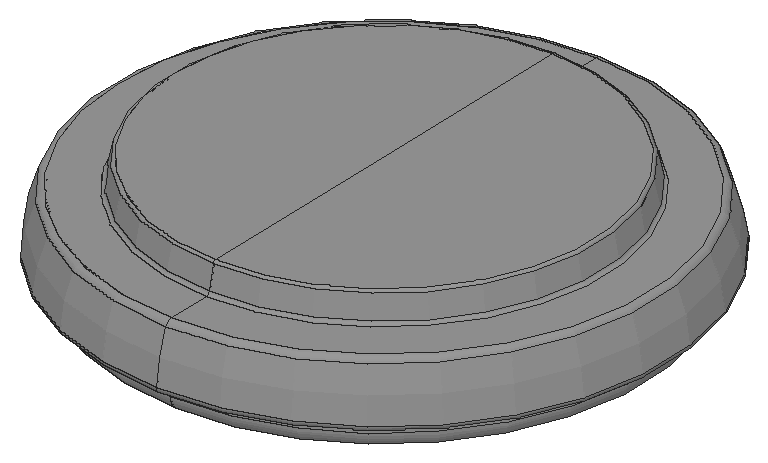
Revit family "FMK11_63_UN_Surface-mounted_ETK", category Lighting Fixtures, Revit 2017 (continued)
Definition of nested family "FMK.1 - Lightsource"
  Parameters (values of type "FMK.1109.10 - Ø250x48 / 12W")
      .3074\t362.9584\t356.0822\t348.9057\t341.5547\t333.4658\t324.7233\t315.2043\t305.4599\r\n295.3979\t285.0138\t274.2949\t263.3441\t252.1436\t240.673\t229.1092\t216.7556\t203.6489\t190.6285\r\n177.6172\t164.6138\t151.9279\t138.069\t124.3573\t110.9691\t98.0454\t84.9215\t72.6465\t61.0698\r\n50.4112\t40.6936\t35.2704\t0\t0\t0\r\n405.3384\t404.7358\t403.6054\t401.6444\t399.3643\t396.5593\t393.314\t389.4309\t385.2102\t380.3495\r\n375.0755\t369.3024\t362.9627\t356.1346\t348.8119\t341.1533\t333.0509\t324.8191\t315.78\t306.215\r\n295.8199\t285.344\t274.4807\t263.3654\t252.0105\t240.3294\t228.4188\t216.2955\t204.1547\t190.9552\r\n177.6559\t164.3516\t151.1392\t138.0976\t124.9346\t111.112\t97.7813\t85.0908\t72.4995\t60.8236\r\n50.1998\t40.6227\t31.9768\t0\t0\t0\r\n405.3384\t404.7394\t403.6288\t401.6757\t399.3884\t396.5714\t393.3026\t389.3159\t385.1739\t380.3831\r\n375.0444\t369.2837\t362.956\t356.1295\t348.8706\t341.18\t332.9079\t324.3902\t315.4019\t306.3387\r\n296.4924\t286.1092\t274.9998\t263.7539\t252.2169\t240.3569\t228.2903\t215.9582\t203.4707\t190.8257\r\n178.1521\t164.6391\t151.0517\t137.6572\t124.4578\t111.6543\t98.0732\t84.9738\t72.5741\t60.6864\r\n50.0183\t40.4977\t31.9697\t4.8432\t0\t0\r\n405.3384\t404.7427\t403.6495\t401.7142\t399.4239\t396.6035\t393.3116\t389.2988\t385.0507\t380.3528\r\n375.0118\t369.216\t362.9424\t356.1024\t348.8405\t341.157\t332.9643\t324.4004\t315.2581\t305.8867\r\n296.1029\t285.938\t275.5954\t264.5683\t253.012\t240.8416\t228.6197\t216.12\t203.4137\t190.5511\r\n177.5394\t164.5113\t151.5042\t137.8415\t124.2858\t111.0124\t98.1587\t85.3964\t72.5721\t60.6586\r\n49.8431\t40.3398\t31.931\t24.5537\t0\t0\r\n405.3384\t404.7456\t403.6676\t401.9218\t399.4709\t396.6554\t393.3437\t389.317\t385.04\t380.243\r\n374.8993\t369.1788\t362.9127\t356.0814\t348.8285\t341.0552\t332.9667\t324.3861\t315.3329\t305.9127\r\n296.0531\t285.7481\t275.1336\t264.1996\t252.9355\t241.4903\t229.4495\t216.9446\t203.9312\t190.8555\r\n177.6361\t164.3347\t151.0106\t137.654\t124.597\t111.2218\t97.8665\t85.0744\t72.9905\t60.8587\r\n49.815\t40.1794\t31.9054\t24.5054\t0\t0\r\n405.3384\t404.7481\t403.6828\t401.9564\t399.6914\t396.7268\t393.4009\t389.3708\t385.0755\t380.2591\r\n374.9017\t369.0922\t362.8034\t355.9918\t348.805\t341.0277\t332.9542\t324.3714\t315.323\t305.9089\r\n296.0316\t285.7934\t275.1661\t264.1403\t252.8273\t241.0499\t229.0201\t216.7244\t204.2369\t191.596\r\n178.5079\t164.9396\t151.3939\t137.7973\t124.3337\t110.9506\t97.9162\t85.2011\t72.5165\t60.7879\r\n50.1751\t40.1846\t31.8501\t23.7681\t2.338\t0\r\n405.3384\t404.7502\t403.6952\t401.9835\t399.7343\t396.9809\t393.6545\t389.6213\t385.1579\t380.3298\r\n374.9735\t369.1608\t362.846\t356.0361\t348.7566\t340.9866\t332.8783\t324.3112\t315.2718\t305.9036\r\n296.0215\t285.8004\t275.1776\t264.1337\t252.8169\t241.0716\t228.9767\t216.6471\t204.0279\t191.1324\r\n178.1226\t164.8871\t151.6027\t138.2841\t125.113\t111.6596\t98.1698\t85.1028\t72.5249\t60.7088\r\n49.8427\t40.2477\t31.8931\t21.6048\t12.7168\t0\r\n405.3384\t404.7519\t403.7047\t402.0029\t399.7635\t397.03\t393.713\t389.7065\t385.4214\t380.5969\r\n375.2629\t369.475\t363.1447\t356.3663\t348.9144\t341.1566\t333.0078\t324.4526\t315.4033\t305.9527\r\n296.0665\t285.8226\t275.1844\t264.1482\t252.8009\t241.0835\t228.992\t216.6758\t204.0446\t191.1483\r\n178.0991\t164.8272\t151.446\t137.9974\t124.5467\t111.2577\t98.1105\t85.2503\t72.8411\t61.1518\r\n50.0901\t40.257\t31.8235\t18.932\t9.3489\t0\r\n405.3384\t404.7532\t403.7114\t402.0142\t399.7786\t397.0514\t393.739\t389.7475\t385.4637\t380.6413\r\n375.3272\t369.5568\t363.2361\t356.4824\t349.2137\t341.4886\t333.3185\t324.7975\t315.7614\t306.3155\r\n296.46\t286.2066\t275.5669\t264.5527\t253.1872\t241.5059\t229.4265\t217.1363\t204.5303\t191.6199\r\n178.5573\t165.3425\t151.9521\t138.4682\t125.0895\t111.6993\t98.5664\t85.5623\t73.0265\t61.1343\r\n50.1318\t40.4051\t31.9542\t21.7475\t6.5313\t5.115\r\n405.3384\t404.754\t403.7153\t402.0176\t399.7799\t397.0445\t393.7329\t389.7445\t385.4448\t380.6084\r\n375.2927\t369.5081\t363.1813\t356.4003\t348.9923\t341.2089\t333.0605\t324.4816\t315.4612\t305.9997\r\n296.1643\t285.8652\t275.2287\t264.2095\t252.8526\t241.1526\t229.101\t216.7417\t204.1781\t191.2242\r\n178.2221\t164.9153\t151.5534\t138.1498\t124.6539\t111.3162\t98.1603\t85.2342\t72.8561\t61.1128\r\n50.0588\t40.2091\t31.6937\t20.0166\t8.2012\t0\r\n405.3384\t404.7543\t403.7164\t402.013\t399.7671\t397.0096\t393.6945\t389.6977\t385.2046\t380.352\r\n375.0326\t369.2271\t362.9198\t356.1028\t348.9072\t341.0925\t332.98\t324.3798\t315.392\t305.9858\r\n296.2178\t285.8843\t275.26\t264.2624\t252.9154\t241.2093\t229.1994\t216.7906\t204.2527\t191.2919\r\n178.3227\t165.0516\t151.7425\t138.4595\t125.2028\t111.7417\t98.2552\t85.1615\t72.5973\t60.695\r\n49.8045\t40.1873\t31.7885\t21.7366\t11.2598\t0\r\n405.3384\t404.7542\t403.7146\t402.0006\t399.7406\t396.7678\t393.4611\t389.4878\t385.1447\t380.2959\r\n374.9894\t369.1909\t362.9156\t356.0932\t349.0203\t341.1855\t333.0998\t324.4896\t315.505\t306.0503\r\n296.2967\t285.9572\t275.331\t264.3672\t253.0197\t241.2839\t229.3045\t217.0032\t204.5011\t191.8693\r\n178.7706\t165.2052\t151.6675\t138.0714\t124.5282\t111.1465\t98.0318\t85.3325\t72.6503\t60.8256\r\n50.1888\t40.1684\t31.7403\t23.8387\t2.1341\t0\r\n405.3384\t404.7538\t403.7099\t401.9802\t399.5366\t396.7102\t393.425\t389.473\t385.1305\t380.2987\r\n375.0145\t369.3042\t363.0627\t356.2162\t349.106\t341.2551\t333.1682\t324.5601\t315.5632\t306.141\r\n296.3633\t286.0264\t275.4542\t264.555\t253.2624\t241.8449\t229.7806\t217.3072\t204.2808\t191.2288\r\n177.9866\t164.6878\t151.3619\t138.0114\t124.8764\t111.4955\t98.1121\t85.3017\t73.1816\t61.0006\r\n49.9354\t40.2492\t31.8581\t24.0616\t0\t0\r\n405.3384\t404.7529\t403.7024\t401.7855\t399.5057\t396.672\t393.4155\t389.4941\t385.1611\t380.4304\r\n375.1514\t369.3736\t363.1395\t356.2714\t349.1759\t341.3116\t333.2219\t324.6532\t315.5562\t306.2275\r\n296.4426\t286.3163\t276.0481\t265.0023\t253.4229\t241.2876\t229.0238\t216.5536\t203.8543\t191.005\r\n177.9846\t164.9422\t151.916\t138.291\t124.7136\t111.4068\t98.5597\t85.7613\t72.9154\t60.9832\r\n50.0561\t40.469\t32.0115\t24.4608\t0\t0\r\n405.3384\t404.7516\t403.6921\t401.7609\t399.4864\t396.6542\t393.4316\t389.5502\t385.2972\t380.4985\r\n375.2108\t369.4721\t363.1917\t356.3183\t349.193\t341.3957\t333.2365\t324.7362\t315.7989\t306.7788\r\n296.9084\t286.5675\t275.5271\t264.2722\t252.7027\t240.881\t228.7997\t216.5107\t204.0057\t191.4\r\n178.6746\t165.1736\t151.62\t138.2129\t125.0328\t112.2055\t98.6188\t85.54\t73.0956\t61.0986\r\n50.3019\t40.733\t32.2345\t4.8967\t0\t0\r\n405.3384\t404.75\t403.6788\t401.7433\t399.4783\t396.6572\t393.4722\t389.7044\t385.3553\t380.5675\r\n375.2574\t369.5435\t363.2413\t356.3845\t349.1744\t341.4877\t333.4438\t325.2596\t316.2784\t306.7217\r\n296.3214\t285.8791\t275.0611\t263.9604\t252.5538\t240.9175\t229.0191\t216.9459\t204.7661\t191.62\r\n178.311\t165.0395\t151.8279\t138.8308\t125.6546\t111.8365\t98.5513\t85.8398\t73.1455\t61.3695\r\n50.6583\t41.0273\t32.3467\t0\t0\t0\r\n405.3384\t404.7481\t403.4984\t401.7323\t399.4809\t396.6816\t393.6002\t389.7628\t385.3879\t380.6249\r\n375.3103\t369.6017\t363.2788\t356.4193\t349.3183\t342.0005\t333.9181\t325.234\t315.723\t306.0027\r\n295.9581\t285.6313\t274.9371\t264.0009\t252.7885\t241.3531\t229.8173\t217.4635\t204.4063\t191.4145\r\n178.427\t165.4423\t152.7479\t138.9494\t125.2565\t111.8804\t98.9846\t85.7966\t73.4077\t61.7586\r\n51.0678\t41.3029\t35.9314\t0\t0\t0\r\n405.3384\t404.7459\t403.4868\t401.7275\t399.4939\t396.8049\t393.6964\t389.8271\t385.4477\t380.6827\r\n375.3624\t369.5737\t363.2853\t356.625\t349.7894\t342.1135\t333.759\t324.599\t315.3556\t305.743\r\n295.8442\t285.6417\t275.1541\t264.3786\t253.3631\t242.055\t229.5599\t217.0052\t204.3824\t191.6906\r\n178.9998\t166.3228\t152.4157\t138.7896\t125.4113\t112.3666\t98.8823\t86.0884\t73.8385\t62.2076\r\n51.4507\t41.5049\t9.2672\t0\t0\t0\r\n405.3384\t404.7435\t403.478\t401.7288\t399.5168\t396.8915\t393.7354\t389.8846\t385.51\t380.7375\r\n375.3452\t369.6573\t363.4574\t357.1354\t349.7768\t341.6159\t333.1585\t324.3199\t315.1808\t305.7265\r\n295.9778\t285.8984\t275.6341\t265.1894\t253.7973\t241.5638\t229.4041\t217.1091\t204.7446\t192.3795\r\n179.7114\t165.8581\t152.3268\t139.0102\t125.9366\t112.2715\t99.1358\t86.5458\t74.2047\t62.612\r\n51.7507\t41.5902\t0\t0\t0\t0\r\n405.3384\t404.741\t403.4718\t401.7355\t399.6011\t396.9432\t393.7681\t389.932\t385.5756\t380.7897\r\n375.443\t369.7964\t363.9098\t357.1325\t349.266\t341.3026\t332.9179\t324.2017\t315.1981\t305.9037\r\n296.2962\t286.4176\t276.3927\t264.9598\t253.3075\t241.5117\t229.5688\t217.5503\t205.6807\t192.889\r\n179.2192\t165.8323\t152.6025\t139.6031\t125.8415\t112.4783\t99.6521\t86.8233\t74.5452\t62.9366\r\n51.9651\t45.2945\t0\t0\t0\t0\r\n405.3384\t404.7384\t403.468\t401.7035\t399.6374\t396.995\t393.7953\t389.976\t385.6432\t380.7904\r\n375.5949\t370.2269\t363.9316\t356.6257\t349.0084\t341.1154\t332.8331\t324.2647\t315.4008\t306.248\r\n296.8025\t287.1037\t276.0069\t264.7758\t253.2929\t241.7441\t230.0366\t218.4803\t205.6712\t192.4158\r\n179.2213\t166.1495\t153.2387\t139.4918\t125.9849\t112.9057\t99.9291\t87.1192\t74.8871\t63.2173\r\n52.1109\t27.9746\t0\t0\t0\t0\r\n405.3384\t404.7356\t403.4661\t401.721\t399.6762\t397.0462\t393.8176\t390.0145\t385.6532\t380.9042\r\n376.0431\t370.2884\t363.5098\t356.3413\t348.8597\t341.046\t332.9079\t324.5096\t315.7699\t306.7777\r\n297.4737\t286.6989\t275.8167\t264.7874\t253.5532\t242.2253\t231.0102\t218.411\t205.3993\t192.4497\r\n179.5316\t166.8\t153.159\t139.579\t126.3414\t113.3926\t100.1751\t87.4289\t75.1955\t63.4659\r\n52.2017\t0\t0\t0\t0\t0\r\n405.3384\t404.733\t403.4662\t401.7455\t399.7183\t397.0964\t393.8361\t390.0426\t385.7336\t381.0623\r\n376.1774\t370.1947\t363.2695\t356.1775\t348.8218\t341.077\t333.1051\t324.8433\t316.2831\t307.407\r\n297.0552\t286.507\t275.8559\t265.0142\t254.068\t243.1527\t230.9509\t218.1938\t205.4481\t192.7251\r\n180.2403\t166.8035\t153.224\t139.9046\t126.9133\t113.5219\t100.4126\t87.721\t75.5131\t63.7099\r\n57.0316\t0\t0\t0\t0\t0\r\n405.3384\t404.5716\t403.4386\t401.8549\t399.7644\t397.1477\t393.8153\t390.002\t385.8374\t381.4986\r\n376.1612\t369.7301\t363.0994\t356.1235\t348.8626\t341.2479\t333.4258\t325.2712\t316.9727\t307.0391\r\n296.8833\t286.5553\t276.0726\t265.4683\t254.9632\t243.4246\t230.701\t218.2156\t205.734\t193.2729\r\n180.506\t166.8251\t153.4668\t140.3769\t127.1788\t113.733\t100.6865\t88.0472\t75.8087\t63.919\r\n43.4528\t0\t0\t0\t0\t0\r\n405.3384\t404.5695\t403.4417\t401.8908\t399.8151\t397.1871\t393.8464\t390.0614\t385.9622\t381.6097\r\n376.0288\t369.5594\t362.993\t356.1449\t348.9704\t341.541\t333.8527\t326.0241\t316.6929\t306.8713\r\n296.8954\t286.7633\t276.4678\t266.0998\t255.327\t242.9729\t230.7031\t218.4384\t206.1859\t193.9199\r\n180.3346\t166.9807\t153.8693\t140.944\t127.3398\t114.0243\t101.0379\t88.3884\t76.1048\t64.1488\r\n6.9749\t0\t0\t0\t0\t0\r\n405.3384\t404.5686\t403.4473\t401.9294\t399.8708\t397.2314\t393.888\t390.1481\t386.3292\t381.6146\r\n375.6081\t369.4572\t362.9708\t356.227\t349.1889\t341.9177\t334.6149\t326.1454\t316.446\t306.8487\r\n297.0678\t287.1294\t277.0477\t266.8305\t254.9174\t242.9076\t230.8971\t218.8564\t206.9584\t193.7008\r\n180.4704\t167.3299\t154.3451\t141.0443\t127.5319\t114.3124\t101.4067\t88.7971\t76.469\t71.0786\r\n0\t0\t0\t0\t0\t0\r\n405.3384\t404.569\t403.4551\t401.9709\t399.9722\t397.2767\t393.8644\t390.2693\t386.4315\t381.5224\r\n375.4757\t369.3969\t363.0172\t356.385\t349.5164\t342.3709\t334.9069\t325.7199\t316.401\t306.979\r\n297.3492\t287.6224\t277.9395\t266.5253\t254.8042\t243.0641\t231.2325\t219.4481\t206.9163\t193.7663\r\n180.6898\t167.7888\t154.9305\t141.1807\t127.788\t114.6467\t101.7684\t89.1631\t76.8256\t62.9035\r\n0\t0\t0\t0\t0\t0\r\n405.3384\t404.5705\t403.4652\t402.0157\t400.0296\t397.3244\t393.9524\t390.3898\t386.4749\t381.113\r\n375.39\t369.382\t363.1266\t356.6158\t349.8921\t343.0771\t334.5968\t325.6122\t316.4672\t307.1637\r\n297.7815\t288.4949\t278.1045\t266.4097\t254.8889\t243.3295\t231.7654\t220.041\t206.912\t193.9248\r\n181.0884\t168.4498\t154.9864\t141.4211\t128.0925\t114.9955\t102.1644\t89.5728\t77.2034\t43.5306\r\n0\t0\t0\t0\t0\t0\r\n405.3384\t404.5732\t403.4775\t402.0644\t400.0795\t397.3766\t394.0366\t390.7644\t386.4775\t380.975\r\n375.3478\t369.4303\t363.2985\t356.906\t350.3047\t343.2698\t334.4485\t325.6355\t316.6363\t307.5138\r\n298.2746\t288.9228\t277.7118\t266.4225\t255.1174\t243.7588\t232.5514\t219.9024\t207.0118\t194.237\r\n181.5343\t168.8621\t155.1371\t141.6853\t128.4567\t115.4149\t102.6013\t89.9956\t77.5994\t6.1612\r\n0\t0\t0\t0\t0\t0\r\n405.3384\t404.605\t403.4921\t402.1706\t400.1256\t397.4349\t394.1374\t390.8498\t386.4029\t380.8564\r\n375.3437\t369.5284\t363.5073\t357.2499\t350.9824\t342.9428\t334.3995\t325.7395\t316.8926\t307.9367\r\n299.1107\t288.6921\t277.6635\t266.5801\t255.4385\t244.3047\t232.8477\t219.9489\t207.2573\t194.6292\r\n182.2468\t168.8709\t155.3197\t141.9922\t128.8173\t115.8454\t103.0693\t90.4482\t83.823\t0\r\n0\t0\t0\t0\t0\t0\r\n405.3384\t404.6092\t403.5089\t402.2202\t400.1649\t397.5054\t394.2569\t390.9141\t386.0396\t380.7981\r\n375.3806\t369.6687\t363.7508\t357.6622\t351.1724\t342.8014\t334.443\t325.8965\t317.2661\t308.4567\r\n299.4568\t288.5546\t277.7444\t266.8384\t255.8901\t245.0273\t232.652\t220.0806\t207.5676\t195.1229\r\n182.656\t169.0149\t155.5887\t142.3178\t129.2005\t116.2829\t103.5207\t90.9268\t73.3602\t0\r\n0\t0\t0\t0\t0\t0\r\n405.3384\t404.614\t403.5281\t402.2649\t400.1971\t397.5179\t394.3957\t390.9455\t385.9448\t380.7925\r\n375.4413\t369.8494\t364.0508\t358.3505\t351.161\t342.7657\t334.5401\t326.1385\t317.6475\t309.3183\r\n299.1891\t288.5712\t277.89\t267.2003\t256.4247\t245.3251\t232.6711\t220.2807\t207.9213\t195.8312\r\n182.7021\t169.2073\t155.8647\t142.6715\t129.6369\t116.7502\t103.9952\t91.3868\t55.3711\t0\r\n0\t0\t0\t0\t0\t0\r\n405.3384\t404.6195\t403.5495\t402.3045\t400.1849\t397.5978\t394.5611\t390.9396\t385.8781\t380.8033\r\n375.5216\t370.0613\t364.3857\t358.5968\t350.8049\t342.7895\t334.6808\t326.4772\t318.1163\t309.6303\r\n299.1657\t288.6692\t278.1592\t267.6065\t257.2226\t245.1417\t232.8538\t220.5787\t208.3699\t196.2276\r\n182.7779\t169.4445\t156.1917\t143.0507\t130.0526\t117.1893\t104.4737\t91.888\t14.9821\t0\r\n0\t0\t0\t0\t0\t0\r\n405.3384\t404.6254\t403.6469\t402.3383\t400.2215\t397.6657\t394.9951\t390.922\t385.84\t380.8256\r\n375.6462\t370.3021\t364.75\t358.7051\t350.7659\t342.8768\t334.8803\t326.8245\t318.9273\t309.6814\r\n299.1757\t288.8703\t278.4899\t268.1142\t257.5065\t245.2123\t233.0786\t220.9546\t208.9027\t196.5301\r\n182.9565\t169.6559\t156.4872\t143.4595\t130.5097\t117.6817\t104.9699\t100.108\t0.6502\t0\r\n0\t0\t0\t0\t0\t0\r\n405.3384\t404.6318\t403.6785\t402.3663\t400.2653\t397.732\t395.2235\t390.6501\t385.8302\t380.8791\r\n375.8045\t370.5591\t365.4\t358.3926\t350.7621\t343.0161\t335.1646\t327.2095\t319.3184\t309.3844\r\n299.2447\t289.0934\t278.9038\t268.8799\t257.3545\t245.3439\t233.3422\t221.3813\t209.5947\t196.4708\r\n183.1827\t169.9774\t156.8633\t143.857\t130.9408\t118.1517\t105.4613\t92.7841\t0\t0\r\n0\t0\t0\t0\t0\t0\r\n405.3384\t404.6385\t403.7052\t402.3881\t400.3166\t397.7952\t395.3429\t390.6457\t385.8372\t380.9677\r\n375.9682\t370.8385\t365.6602\t358.3552\t350.8047\t343.1988\t335.4588\t327.6657\t319.4853\t309.4034\r\n299.4263\t289.3714\t279.3274\t269.2917\t257.4272\t245.5406\t233.6779\t221.8454\t209.9683\t196.6268\r\n183.419\t170.2891\t157.2574\t144.3065\t131.442\t118.6656\t105.9935\t80.5222\t0\t0\r\n0\t0\t0\t0\t0\t0\r\n405.3384\t404.6457\t403.7326\t402.3665\t400.4161\t397.857\t395.396\t390.6723\t385.8834\t381.0767\r\n376.1402\t371.1325\t365.8072\t358.3418\t350.9131\t343.3865\t335.8213\t328.3888\t319.2622\t309.4538\r\n299.6286\t289.7446\t279.8181\t269.489\t257.5447\t245.7949\t234.0481\t222.3431\t210.2072\t196.8266\r\n183.6843\t170.6331\t157.653\t144.7457\t131.9283\t119.1863\t106.5168\t64.2232\t0\t0\r\n0\t0\t0\t0\t0\t0\r\n405.3384\t404.653\t403.7604\t402.3925\t400.4719\t397.9008\t395.3299\t390.7762\t385.9545\t381.2013\r\n376.3717\t371.4185\t365.8707\t358.3762\t351.0464\t343.6475\t336.1597\t328.7689\t319.2512\t309.5955\r\n299.8696\t290.1313\t280.5664\t269.3554\t257.7081\t246.0696\t234.4691\t223.0433\t210.1501\t197.0336\r\n183.9883\t170.9859\t158.0592\t145.1996\t132.404\t119.6892\t118.4422\t23.1728\t0\t0\r\n0\t0\t0\t0\t0\t0\r\n405.3384\t404.6607\t403.7887\t402.4189\t400.5194\t397.9841\t395.3017\t390.8021\t386.0595\t381.3509\r\n376.609\t372.0059\t365.5606\t358.4337\t351.2047\t343.9111\t336.5735\t328.9592\t319.3349\t309.7464\r\n300.1592\t290.5524\t280.9613\t269.4605\t257.9307\t246.4161\t234.914\t223.4171\t210.3211\t197.2897\r\n184.2922\t171.347\t158.483\t145.6681\t132.9075\t120.2165\t117.0674\t9.6552\t0\t0\r\n0\t0\t0\t0\t0\t0\r\n405.3384\t404.6686\t403.8173\t402.4487\t400.4786\t398.0829\t395.2688\t390.7871\t386.236\t381.5158\r\n376.8425\t372.2831\t365.5322\t358.5043\t351.3888\t344.1966\t336.967\t329.1152\t319.3903\t309.9762\r\n300.4823\t290.9786\t281.208\t269.6236\t258.201\t246.7695\t235.373\t223.7185\t210.5437\t197.5625\r\n184.62\t171.7433\t158.9199\t146.1384\t133.4045\t120.7201\t112.4944\t0\t0\t0\r\n0\t0\t0\t0\t0\t0\r\n405.3384\t404.6766\t403.8462\t402.4819\t400.4915\t398.4796\t395.2303\t390.7186\t386.3508\t381.7085\r\n377.0908\t372.472\t365.5842\t358.5935\t351.5911\t344.5067\t337.626\t328.8535\t319.5738\t310.1918\r\n300.8214\t291.4589\t281.3564\t269.774\t258.4546\t247.1517\t236.0692\t223.714\t210.7672\t197.8524\r\n184.9795\t172.1582\t159.3682\t146.6102\t133.9159\t121.2568\t105.4062\t0\t0\t0\r\n0\t0\t0\t0\t0\t0\r\n405.3384\t404.6848\t403.8753\t402.5301\t400.5307\t398.583\t395.2103\t390.7119\t386.3893\t381.9396\r\n377.3461\t372.6104\t365.6471\t358.7464\t351.8034\t344.8396\t337.9433\t328.9321\t319.7183\t310.4987\r\n301.2264\t292.1181\t281.2334\t270.0005\t258.7428\t247.5101\t236.4684\t223.8595\t211.0006\t198.1587\r\n185.3479\t172.5544\t159.8035\t147.094\t134.4184\t121.7849\t96.4328\t0\t0\t0\r\n0\t0\t0\t0\t0\t0\r\n405.3384\t404.6931\t403.9067\t402.5674\t400.5765\t398.6722\t394.9664\t390.7235\t386.4539\t382.113\r\n377.6242\t372.7081\t365.7225\t358.9132\t352.048\t345.1659\t338.1961\t329.0359\t319.9072\t310.7682\r\n301.6096\t292.5131\t281.4098\t270.2271\t259.073\t247.9351\t236.8476\t224.0483\t21
      1.2287\t198.4476\r\n185.6936\t172.9579\t160.2642\t147.5784\t134.9349\t122.3252\t86.1454\t0\t0\t0\r\n0\t0\t0\t0\t0\t0\r\n405.3384\t404.7013\t403.9355\t402.6047\t400.6279\t398.7442\t394.9797\t390.7624\t386.5296\t382.2487\r\n377.8767\t372.7829\t365.8114\t359.0821\t352.3163\t345.4969\t338.3782\t329.1822\t320.1148\t311.0453\r\n301.9788\t292.7783\t281.6012\t270.5091\t259.4318\t248.3563\t237.1582\t224.2779\t211.525\t198.7849\r\n186.0555\t173.3757\t160.7092\t148.07\t135.4623\t122.8612\t75.0755\t0\t0\t0\r\n0\t0\t0\t0\t0\t0\r\n405.3384\t404.7096\t403.9642\t402.6417\t400.696\t398.8169\t394.9997\t390.8276\t386.6209\t382.4\r\n378.4045\t372.5543\t365.9079\t359.2494\t352.5682\t345.8699\t338.5647\t329.3189\t320.3594\t311.3938\r\n302.3891\t292.9835\t281.7699\t270.7837\t259.7753\t248.7659\t237.4402\t224.5309\t211.8182\t199.1223\r\n186.4527\t173.7952\t161.1646\t148.546\t135.9422\t136.5574\t36.2712\t0\t0\t0\r\n0\t0\t0\t0\t0\t0\r\n405.3384\t404.7178\t403.9929\t402.6782\t400.7519\t398.8854\t395.026\t390.892\t386.7324\t382.5558\r\n378.6203\t372.6325\t366.0305\t359.4259\t352.8102\t346.4602\t338.6937\t329.5211\t320.6143\t311.6861\r\n302.7765\t293.2351\t282.0305\t271.0823\t260.1226\t249.1874\t237.6911\t224.7942\t212.1326\t199.4867\r\n186.8497\t174.2259\t161.627\t149.0287\t136.4442\t136.3962\t26.9716\t0\t0\t0\r\n0\t0\t0\t0\t0\t0\r\n405.3384\t404.6914\t404.0217\t402.7091\t400.8043\t398.9593\t395.0594\t390.9615\t386.8432\t382.7092\r\n378.801\t372.7103\t366.1644\t359.6071\t353.0451\t346.7466\t338.5155\t329.6953\t320.856\t312.0088\r\n303.4086\t293.141\t282.2549\t271.3663\t260.4867\t249.8243\t237.7137\t225.078\t212.4489\t199.8329\r\n187.2298\t174.6407\t162.0656\t149.4977\t136.955\t135.4145\t19.5256\t0\t0\t0\r\n0\t0\t0\t0\t0\t0\r\n405.3384\t404.7005\t404.0507\t402.746\t400.8525\t399.0149\t395.1063\t391.0352\t386.9537\t382.8571\r\n378.9473\t372.7817\t366.3088\t359.7982\t353.2745\t346.9636\t338.607\t329.856\t321.0835\t312.3124\r\n303.7495\t293.3407\t282.511\t271.6734\t260.8498\t250.2149\t237.9693\t225.3524\t212.7549\t200.1806\r\n187.6084\t175.0519\t162.4906\t149.9475\t137.4166\t133.8797\t13.6311\t0\t0\t0\r\n0\t0\t0\t0\t0\t0\r\n405.3384\t404.7108\t404.0796\t402.7843\t400.8877\t399.06\t395.1456\t391.1188\t387.0668\t382.9967\r\n379.0731\t372.8602\t366.4344\t359.992\t353.5293\t347.231\t338.7751\t330.037\t321.3186\t312.5878\r\n304.0399\t293.5366\t282.7541\t271.985\t261.2033\t250.5727\t238.235\t225.6682\t213.1063\t200.5484\r\n187.9915\t175.44\t162.9051\t150.3796\t137.8499\t132.1112\t9.049\t0\t0\t0\r\n0\t0\t0\t0\t0\t0\r\n405.3384\t404.7219\t404.1089\t402.8238\t400.9307\t399.0883\t395.1801\t391.1927\t387.1857\t383.169\r\n379.2169\t372.9472\t366.5494\t360.1591\t353.7665\t347.4796\t338.9588\t330.2784\t321.6039\t312.9326\r\n304.37\t293.7905\t283.028\t272.2877\t261.5559\t250.9361\t238.5243\t225.9828\t213.451\t200.9164\r\n188.3884\t175.864\t163.3455\t150.8322\t138.3259\t130.4379\t5.5781\t0\t0\t0\r\n0\t0\t0\t0\t0\t0\r\n405.3384\t404.7342\t404.1351\t402.865\t400.9737\t399.12\t395.2037\t391.2563\t387.2891\t383.3216\r\n379.3873\t373.0758\t366.7069\t360.3353\t353.9603\t347.6673\t339.1189\t330.4846\t321.8502\t313.2065\r\n304.6365\t294.0074\t283.3053\t272.5923\t261.8888\t251.2466\t238.8042\t226.288\t213.7758\t201.2543\r\n188.7472\t176.2444\t163.7419\t151.2436\t138.7407\t128.9732\t3.0455\t0\t0\t0\r\n0\t0\t0\t0\t0\t0\r\n405.3384\t404.7473\t404.1652\t402.9077\t401.0164\t399.1498\t395.2384\t391.3183\t387.3793\t383.4461\r\n379.5207\t373.2102\t366.8716\t360.5312\t354.1897\t347.8811\t339.3172\t330.7163\t322.1136\t313.5188\r\n304.9383\t294.2817\t283.5867\t272.897\t262.2085\t251.5646\t239.0978\t226.5986\t214.1015\t201.6074\r\n189.1137\t176.6257\t164.1331\t151.6523\t139.1633\t127.9276\t1.3255\t0\t0\t0\r\n0\t0\t0\t0\t0\t0\r\n405.3384\t404.7615\t404.1956\t402.9517\t401.0448\t399.145\t395.2486\t391.3511\t387.4664\t383.5602\r\n379.6494\t373.3451\t367.0309\t360.7181\t354.3931\t348.0876\t339.524\t330.9519\t322.3792\t313.8076\r\n305.2448\t294.5755\t283.8944\t273.2262\t262.5489\t251.8832\t239.4077\t226.9344\t214.4518\t201.9798\r\n189.4978\t177.0255\t164.5446\t152.064\t139.5954\t127.4356\t0.3276\t0\t0\t0\r\n0\t0\t0\t0\t0\t0"
    Model = "FMK.1"
    Manufacturer = "ETK B.V."
    built-in parameter 1150105 = 278.52 (stored number, unit not read)
    Lumens = 3500 lm
    built-in parameter 1150115 = 1 (stored number, unit not read)
    built-in parameter 1150137 = (empty or 0)
    built-in parameter 1150139 = (empty or 0)
    built-in parameter 1150112 = 1 (stored number, unit not read)
    built-in parameter 1150114 = 1 (stored number, unit not read)
    Lamp = "LED"
    built-in parameter 1150132 = (empty or 0)
    built-in parameter 1150102 = (empty or 0)
    built-in parameter 1150107 = 3000 (stored number, unit not read)
    built-in parameter 1150138 = (empty or 0)
    built-in parameter 1150106 = 2.7852 (stored number, unit not read)
    built-in parameter 1150104 = 13.8 (stored number, unit not read)
    Dimming Lamp Color Temperature Shift = (empty or 0)
    Description = "Light sources"
    Default Elevation = 0 mm
    Copyright © IVLighting = "www.ivlighting.nl"
    Color Filter = 16777215
    Bundle = "120°"
    built-in parameter 1114218 = 1 (stored number, unit not read)
    built-in parameter 1150133 = 10 (stored number, unit not read)
    Assembly Code = "63.0"
    Apparent Load = 12 VA
